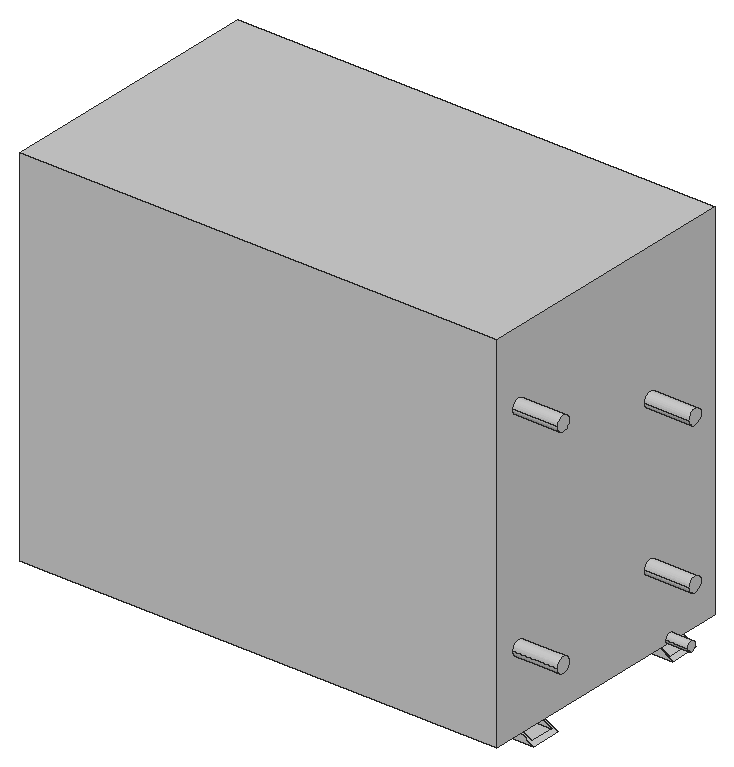
Revit family "Heat-Pump-Rheem-W2W-20kW", category Mechanical Equipment, Revit 2023
Family settings
  Round Connector Dimension = Use Radius
  Part Type = Normal
  OmniClass Number = 23.75.10.21
  OmniClass Title = Heat Pumps
  Work Plane-Based = No
  Always vertical = Yes
  Cut with Voids When Loaded = No
  Maintain Annotation Orientation = No
  Shared = No
  Room Calculation Point = No
Parameters (values of type "95402000")
  calcTopSupport = if(Show Top Supports, 32 mm, 0 mm)  # 0 mm
  calcFanGuardDepth = 133 mm  # constant formula
  Width_ANZRS = 599 mm  # constant formula
  Wattage_ANZRS = 20 kW  # constant formula
  Voltage_ANZRS = 230 V
  URL = "https://www.rheem.com.au/products/commercial/commercial-heat-pumps"
  Type Comments = ""
  SupportInsetSide = 77 mm  # constant formula
  Show Top Supports = no
  ProductCode_ANZRS = "95402000"
  PowerFactor_ANZRS = 1
  OutletPipeDiameter = 32 mm  # constant formula
  calcOutletPipeRad = if(1 = 1, OutletPipeDiameter / 2, 0 mm)  # 16 mm
  Model = "Rheem Commercial Water to Water Heat Pump – 20kW"
  Material_ANZRS = Rheem-Steel-Grey
  Manufacturer = "Rheem"  # constant formula
  Length_ANZRS = 1049 mm  # constant formula
  InletPipeDiameter = 32 mm  # constant formula
  calcInletPipeRadius = if(1 = 1, InletPipeDiameter / 2, 0 mm)  # 16 mm
  Height_ANZRS = if(Show Top Supports, 859 mm, 827 mm)  # 827 mm
  Description = "Rheem's Commercial Water to Water (W2W) heat pump includes units using R134a for hot water heating up to 65°C, with a minimum entering water temperature on the building loop of 12°C, giving a return water temperature of 7°C, with the units being compact and suitable for indoor or external installation."
  Default Elevation = 0 mm
  CreatedBy_ANZRS = "Design Content"  # constant formula
  CreatedByURL_ANZRS = "https://www.designcontent.com.au/"
  Assembly Code = ""
  ApparentLoad_ANZRS = Wattage_ANZRS  # 20 kW
Types (2, lengths in mm): name | calcTopSupport | Show Top Supports | ProductCode_ANZRS | Model | Height_ANZRS | Description
  95402000 | 0 | no | "95402000" | "Rheem Commercial Water to Water Heat Pump – 20kW" | 827 | "Rheem's Commercial Water to Water (W2W) heat pump includes units using R134a for hot water heating up to 65°C, with a minimum entering water temperature on the building loop of 12°C, giving a return water temperature of 7°C, with the units being compact and suitable for indoor or external installation."
  9540200S | 32 | yes | "9540200S" | "Rheem Commercial Water to Water Heat Pump – 20kW Stackable Model" | 859 | "Rheem's Commercial Water to Water (W2W) heat pump includes units using R134a for hot water heating up to 65°C, with a minimum entering water temperature on the building loop of 12°C, giving a return water temperature of 7°C, with the units being compact and suitable for indoor or external installation. Stackable models allow units to be stacked two high for reduced footprint."
Reference planes
  plane 1 "Center (Front/Back)": y = 0
  plane 2: z = 0
  plane 3 "Center (Left/Right)": x = 0
  plane 4 "Back": y = 299.5
  plane 5 "Front": y = -299.5
  plane 6 "Left": x = -524.5
  plane 7 "Right": x = 524.5
  plane 8: z = 24
  plane 9 "HEIGHT": z = 827
  plane 10 "Inlet": z = 197
  plane 11 "Outlet": z = 673
  plane 12: x = 624.5
  plane 13: y = -222.5
  plane 14: y = 222.5
  plane 15: x = 574.5
  plane 16: z = 827
  plane 17: x = -544.5
  plane 18: x = 544.5
  plane 19 "Pipework": y = -241.5
Forms (mm)
  Extrusion 1, solid, material "Rheem-Steel-Grey" <- "Material_ANZRS", detail levels medium+fine
    sketch origin (0, 0, 0) x (1, 0, 0) y (0, 1, 0)
      loop
        line (-524.5, 299.5) -> (-524.5, -299.5) -> (524.5, -299.5) -> (524.5, 299.5) -> (-524.5, 299.5)
    from 24 to 827
  Extrusion 2, solid, material "Rheem-Steel-Grey" <- "Material_ANZRS"
    sketch origin (0, 111.908, 381.979) x (0, -1, 0) y (0, 0, 1)
      loop
        circle (353.408, -184.979) r 16
      loop
        circle (353.408, 291.021) r 16
      loop
        circle (-8.592, -184.979) r 16
      loop
        circle (-8.592, 145.021) r 16
    from -524.5 to -624.5
  Extrusion 3, solid, material "Rheem-Steel-Grey" <- "Material_ANZRS"
    sketch origin (524.5, 0, 0) x (0, -1, 0) y (0, 0, -1)
      loop
        circle (-173.5, -34) r 10
    from 0 to 50
  Extrusion 4, solid, material "Rheem-Steel-Grey" <- "Material_ANZRS", detail levels coarse
    sketch origin (0, 0, 827) x (-1, 0, 0) y (0, -1, 0)
      loop
        line (524.5, -299.5) -> (524.5, 299.5) -> (-524.5, 299.5) -> (-524.5, -299.5) -> (524.5, -299.5)
    from -827 to 0
  Extrusion 5, solid, material "Rheem-Steel-Grey" <- "Material_ANZRS", detail levels medium+fine
    sketch origin (0, 0, 0) x (0, 1, 0) y (0, 0, 1)
      loop
        line (247.5, 24) -> (217.5, 24) -> (217.5, 5) -> (163.086, 5) -> (163.086, 24) -> (133, 24) -> (133, 19) -> (158, 19) -> (158, 0) -> (222.5, 0) -> (222.5, 19) -> (247.5, 19) -> (247.5, 24)
      loop
        line (-133, 24) -> (-163, 24) -> (-163, 5) -> (-217.414, 5) -> (-217.414, 24) -> (-247.5, 24) -> (-247.5, 19) -> (-222.5, 19) -> (-222.5, 0) -> (-158, 0) -> (-158, 19) -> (-133, 19) -> (-133, 24)
    from -544.5 to 544.5
  Extrusion 6, solid, material "Rheem-Steel-Grey" <- "Material_ANZRS", visible <- "Show Top Supports", detail levels medium+fine
    sketch origin (0, 0, 0) x (1, 0, 0) y (0, 0, 1)
      loop
        line (-437.141, 827) -> (-417.141, 827) -> (-417.141, 832) -> (-432.141, 832) -> (-432.141, 838) -> (-362.141, 838) -> (-362.141, 832) -> (-377.141, 832) -> (-377.141, 827) -> (-357.141, 827) -> (-357.141, 843) -> (-437.141, 843) -> (-437.141, 827)
      loop
        line (357.141, 827) -> (377.141, 827) -> (377.141, 832) -> (362.141, 832) -> (362.141, 838) -> (432.141, 838) -> (432.141, 832) -> (417.141, 832) -> (417.141, 827) -> (437.141, 827) -> (437.141, 843) -> (357.141, 843) -> (357.141, 827)
      loop
        line (-40, 827) -> (-20, 827) -> (-20, 832) -> (-35, 832) -> (-35, 838) -> (35, 838) -> (35, 832) -> (20, 832) -> (20, 827) -> (40, 827) -> (40, 843) -> (-40, 843) -> (-40, 827)
    from -299.5 to 299.5
  Extrusion 7, solid, material "Rheem-Steel-Grey" <- "Material_ANZRS", visible <- "Show Top Supports", detail levels medium+fine
    sketch origin (23.5, 184.859, 18.5) x (0, -1, 0) y (0, 0, 1)
      loop
        line (29.359, 824.5) -> (29.359, 840.5) -> (-38.641, 840.5) -> (-38.641, 824.5) -> (-18.617, 824.5) -> (-18.617, 829) -> (-33.617, 829) -> (-33.617, 835.5) -> (24.359, 835.5) -> (24.359, 829) -> (9.359, 829) -> (9.359, 824.5) -> (29.359, 824.5)
      loop
        line (340.359, 824.5) -> (360.359, 824.5) -> (360.359, 829) -> (345.359, 829) -> (345.359, 835.5) -> (403.334, 835.5) -> (403.334, 829) -> (388.334, 829) -> (388.334, 824.5) -> (408.359, 824.5) -> (408.359, 840.5) -> (340.359, 840.5) -> (340.359, 824.5)
    from -521 to 568
  Extrusion 8, solid, detail levels medium+fine
    sketch origin (725.494, 299.5, 222.402) x (-1, 0, 0) y (0, 0, 1)
      loop
        circle (252.008, 381.5) r 15
      loop
        circle (252.008, 431.5) r 15
      loop
        circle (252.008, 331.5) r 15
      loop
        circle (252.008, 281.5) r 10
      loop
        circle (252.008, 231.5) r 10
    from 0 to 5
  Extrusion 9, void
    sketch origin (0, 0, 0) x (1, 0, 0) y (0, 0, 1)
      loop
        line (-511.136, 843) -> (-544.5, 860) -> (-544.5, 843) -> (-511.136, 843)
      loop
        line (511.136, 843) -> (544.5, 843) -> (544.5, 859.5) -> (511.136, 843)
      loop
        line (-502.931, 24) -> (-544.5, 24) -> (-544.5, 0) -> (-502.931, 24)
      loop
        line (502.931, 24) -> (544.5, 0) -> (544.5, 24) -> (502.931, 24)
    from -299.5 to 299.5
Cuts and joins
  Extrusion 9 cuts Extrusion 1
  Extrusion 9 cuts Extrusion 5
  Extrusion 9 cuts Extrusion 7
Lines and regions (mm)
  Split face 1
    outline origin (524.5, 299.5, 827) x (0, 0, -1) y (-1, 0, 0)
      loop
        line (140, 100) -> (802, 100) -> (802, 949) -> (140, 949) -> (140, 100)
  Split face 2
    outline origin (524.5, 299.5, 827) x (0, 0, -1) y (-1, 0, 0)
      loop
        line (120, 100) -> (120, 949) -> (20, 949) -> (20, 100) -> (120, 100)
Dimensions and locks
  equal spacing: plane 6 "Left", plane 3 "Center (Left/Right)", plane 7 "Right"
  equal spacing: plane 4 "Back", plane 1 "Center (Front/Back)", plane 5 "Front"
  "Width_ANZRS": plane 4 "Back" to plane 5 "Front"
  "Length_ANZRS": plane 6 "Left" to plane 7 "Right"
  locked: plane 12 to plane 7 "Right" at 100
  "SupportInsetSide": plane 5 "Front" to plane 13
  "SupportInsetSide": plane 14 to plane 4 "Back"
  locked: Extrusion 3 sketch curve to plane 8 at 10
  equal spacing: plane 12, plane 15, plane 7 "Right"
  locked: plane 8 to Extrusion 5 sketch curve at 5  (x2)
  Extrusion 5 sketch curve to plane 14 to Extrusion 5 sketch curve to Extrusion 5 sketch curve to Extrusion 5 sketch curve to Extrusion 5 sketch curve = 25 mm locked, 5 mm locked, 54.414 mm locked, 5.086 mm locked, 25 mm locked
  locked: plane 4 "Back" to Extrusion 3 sketch curve at 126
  Extrusion 5 sketch curve to Extrusion 5 sketch curve to Extrusion 5 sketch curve to Extrusion 5 sketch curve to Extrusion 5 sketch curve to Extrusion 5 sketch curve = 25 mm locked, 5 mm locked, 54.414 mm locked, 5.086 mm locked, 25 mm locked
  locked: Extrusion 6 sketch curve to plane 9 "HEIGHT" at 16
  Extrusion 6 sketch curve to Extrusion 6 sketch curve to plane 9 "HEIGHT" = 6 mm locked, 5 mm locked  (x3)
  locked: plane 9 "HEIGHT" to plane 8 at 803
  locked: plane 8 to plane 2 at 24
  locked: nested 1 to plane 9 "HEIGHT" at 300
  locked: plane 17 to plane 6 "Left" at 20
  locked: plane 18 to plane 7 "Right" at 20
  Extrusion 9 sketch curve to Extrusion 9 sketch curve to plane 9 "HEIGHT" = 17 mm, 16 mm
  Extrusion 9 sketch curve to Extrusion 9 sketch curve to plane 9 "HEIGHT" = 16.5 mm locked, 16 mm locked
  locked: plane 19 "Pipework" to plane 5 "Front" at 58
  locked: plane 10 "Inlet" to plane 2 at 197
  locked: plane 11 "Outlet" to plane 10 "Inlet" at 476
  locked: Extrusion 2 sketch curve to plane 4 "Back" at 179  (x2)
  locked: Extrusion 2 sketch curve to plane 10 "Inlet" at 330
  locked: plane 8 to Split face 1 sketch curve at 1
  Split face 1 sketch curve to plane 9 "HEIGHT" = 140 mm
  locked: Split face 1 sketch curve to plane 7 "Right" at 100
  locked: plane 6 "Left" to Split face 1 sketch curve at 100
  locked: plane 7 "Right" to Split face 2 sketch curve at 100
  locked: plane 6 "Left" to Split face 2 sketch curve at 100
  locked: Split face 2 sketch curve to plane 9 "HEIGHT" at 20
  locked: Split face 2 sketch curve to plane 9 "HEIGHT" at 120
  "calcTopSupport": plane 16 to plane 9 "HEIGHT"
  Extrusion 7 sketch curve to Extrusion 7 sketch curve to Extrusion 7 sketch curve to Extrusion 7 sketch curve to plane 9 "HEIGHT" = 5 mm locked, 6.5 mm locked, 4.5 mm locked, 16 mm locked
  "calcOutletPipeRad": radius of Extrusion 2 sketch curve
  "calcInletPipeRadius": radius of Extrusion 2 sketch curve
  radius of Extrusion 3 sketch curve = 10 mm
  aligned and locked: level to plane 2
  aligned and locked: Extrusion 1 sketch curve to plane 6 "Left"
  aligned and locked: Extrusion 1 sketch curve to plane 7 "Right"
  aligned and locked: plane 9 "HEIGHT" to Extrusion 1
  aligned and locked: Extrusion 1 to plane 8
  aligned and locked: plane 5 "Front" to Extrusion 1
  aligned and locked: Extrusion 2 to plane 7 "Right"
  aligned and locked: plane 11 "Outlet" to Extrusion 2 sketch curve
  aligned and locked: plane 10 "Inlet" to Extrusion 2 sketch curve
  aligned and locked: plane 15 to Extrusion 3
  aligned and locked: Extrusion 4 sketch curve to plane 4 "Back"
  aligned and locked: Extrusion 4 sketch curve to plane 5 "Front"
  aligned and locked: Extrusion 4 sketch curve to plane 7 "Right"
  aligned and locked: Extrusion 4 sketch curve to plane 6 "Left"
  aligned and locked: Extrusion 4 to plane 2
  aligned and locked: plane 16 to Extrusion 4
  aligned and locked: plane 12 to Extrusion 2
  aligned and locked: plane 5 "Front" to Extrusion 6
  aligned and locked: plane 4 "Back" to Extrusion 6
  aligned and locked: Extrusion 6 sketch curve to Extrusion 6 sketch curve  (x8)
  aligned and locked: plane 4 "Back" to Extrusion 1
  aligned and locked: Extrusion 7 sketch curve to Extrusion 7 sketch curve  (x8)
  aligned and locked: nested 1 to plane 3 "Center (Left/Right)"
  aligned and locked: Extrusion 5 to plane 17
  aligned and locked: plane 18 to Extrusion 5
  aligned and locked: Extrusion 7 to plane 17
  aligned and locked: plane 18 to Extrusion 7
  aligned and locked: plane 17 to Extrusion 9 sketch curve
  aligned and locked: Extrusion 9 sketch curve to plane 8
  aligned and locked: Extrusion 9 sketch curve to plane 17
  aligned and locked: plane 18 to Extrusion 9 sketch curve
  aligned and locked: Extrusion 9 to Extrusion 1  (x2)
  aligned and locked: plane 19 "Pipework" to Extrusion 2 sketch curve  (x2)
Automatic sketch dimensions
  plane 5 "Front" to Extrusion 1 sketch curve = 0 mm
  Extrusion 1 sketch curve to plane 4 "Back" = 0 mm
  Extrusion 5 sketch curve to plane 8 = 0 mm  (x4)
  Extrusion 5 sketch curve to level = 0 mm  (x2)
  Extrusion 5 sketch curve to plane 13 = 0 mm
  Extrusion 5 sketch curve to plane 14 = 0 mm
  level to Extrusion 5 sketch curve = 5 mm  (x2)
  Extrusion 5 sketch curve to plane 8 = 5 mm  (x2)
  Extrusion 6 sketch curve to plane 9 "HEIGHT" = 0 mm  (x3)
  Extrusion 6 sketch curve to plane 6 "Left" = 87.359 mm
  Extrusion 6 sketch curve to Extrusion 6 sketch curve = 5 mm  (x6)
  Extrusion 6 sketch curve to Extrusion 6 sketch curve = 15 mm  (x6)
  Extrusion 6 sketch curve to Extrusion 6 sketch curve = 40 mm  (x2)
  Extrusion 6 sketch curve to plane 3 "Center (Left/Right)" = 40 mm
  plane 3 "Center (Left/Right)" to Extrusion 6 sketch curve = 20 mm
  Extrusion 6 sketch curve to plane 7 "Right" = 167.359 mm
  Extrusion 8 sketch curve to plane 7 "Right" = 51.014 mm  (x2)
  Extrusion 8 sketch curve to plane 11 "Outlet" = 119.098 mm
  Extrusion 8 sketch curve to Extrusion 8 sketch curve = 0 mm  (x3)
  Extrusion 8 sketch curve to Extrusion 8 sketch curve = 50 mm  (x3)
  Extrusion 8 sketch curve to plane 11 "Outlet" = 69.098 mm
  Extrusion 9 sketch curve to plane 8 = 0 mm
  Extrusion 9 sketch curve to plane 18 = 0 mm
  Extrusion 9 sketch curve to level = 0 mm  (x2)
  Extrusion 9 sketch curve to plane 6 "Left" = 13.364 mm
  Extrusion 9 sketch curve to plane 6 "Left" = 21.569 mm
  Extrusion 9 sketch curve to plane 7 "Right" = 21.569 mm
  Extrusion 9 sketch curve to plane 7 "Right" = 13.364 mm
  plane 14 to Extrusion 7 sketch curve = 1 mm
  Extrusion 7 sketch curve to plane 14 = 4.024 mm
  Extrusion 7 sketch curve to Extrusion 7 sketch curve = 15 mm  (x3)
  Extrusion 7 sketch curve to Extrusion 7 sketch curve = 27.976 mm
  Extrusion 7 sketch curve to Extrusion 7 sketch curve = 5 mm  (x2)
  plane 13 to Extrusion 7 sketch curve = 67 mm
  plane 13 to Extrusion 7 sketch curve = 19.024 mm
  plane 13 to Extrusion 7 sketch curve = 4.024 mm
  Extrusion 7 sketch curve to plane 13 = 1 mm
  Extrusion 2 sketch curve to plane 10 "Inlet" = 0 mm
  radius of Extrusion 8 sketch curve = 15 mm  (x3)
  radius of Extrusion 8 sketch curve = 10 mm  (x2)
  radius of Extrusion 2 sketch curve = 16 mm  (x2)
Nested families
  nested 1: "X_Rheem Logo" at (0, 299.5, 527) x (-1, 0, 0) z (0, 1, 0), type "Standard", detail levels fine
Connectors
  piping at (624.5, -241.5, 197), diameter 32, driven by "calcInletPipeRadius"
    settings: on Extrusion 2, index 9, connector inside diameter 20 mm, connector length 0 mm, flow factor 0, pipe flow 0.0 L/s, pressure drop 0.0 Pa, fitting loss kfactor 0, connector angle 0.00°, fixture units 0, engagement length 0 mm, angle of deflection 0.00°, flow configuration 1, flow direction 1, fitting loss method 0, system type 20, joint type 0, gender type 0, connector reference index -1, connector utility 0, adjustable connector no, is connector primary yes, connector description "Water In"
  piping at (624.5, -241.5, 197), diameter 32, driven by "calcOutletPipeRad"
    settings: on Extrusion 2, index 10, connector inside diameter 20 mm, connector length 0 mm, flow factor 0, pipe flow 0.0 L/s, pressure drop 0.0 Pa, fitting loss kfactor 0, connector angle 0.00°, fixture units 0, engagement length 0 mm, angle of deflection 0.00°, flow configuration 1, flow direction 2, fitting loss method 0, system type 20, joint type 0, gender type 0, connector reference index -1, connector utility 0, adjustable connector no, is connector primary no, connector description "CW Out"
  piping at (574.5, 173.5, 34), diameter 20
    settings: on Extrusion 3, index 11, connector inside diameter 609.6 mm, connector length 0 mm, flow factor 0, pipe flow 0.0 L/s, pressure drop 0.0 Pa, fitting loss kfactor 0, connector angle 0.00°, fixture units 0, engagement length 0 mm, angle of deflection 0.00°, flow configuration 1, flow direction 2, fitting loss method 0, system type 16, joint type 0, gender type 0, connector reference index -1, connector utility 0, adjustable connector no, is connector primary no, connector description ""
  piping at (624.5, -241.5, 673), diameter 32, driven by "calcInletPipeRadius"
    settings: on Extrusion 2, index 16, connector inside diameter 609.6 mm, connector length 0 mm, flow factor 0, pipe flow 0.0 L/s, pressure drop 0.0 Pa, fitting loss kfactor 0, connector angle 0.00°, fixture units 0, engagement length 0 mm, angle of deflection 0.00°, flow configuration 1, flow direction 1, fitting loss method 0, system type 20, joint type 0, gender type 0, connector reference index -1, connector utility 0, adjustable connector no, is connector primary no, connector description "CW In"
  electrical at (473.486, 299.5, 653.902), driven by "Voltage_ANZRS", driven by "ApparentLoad_ANZRS", driven by "PowerFactor_ANZRS"
    settings: on Extrusion 8, index 17, voltage 230 V, apparent load 20 kW, apparent load phase1 0 kW, apparent load phase2 0 kW, apparent load phase3 0 kW, power factor 1, load classification "Power", number of poles 1, system type 30, power factor state 1, is connector primary yes, connector utility no, sub classification motor no, connector description ""
  electrical at (473.486, 299.5, 603.902), driven by "Voltage_ANZRS", driven by "ApparentLoad_ANZRS", driven by "PowerFactor_ANZRS"
    settings: on Extrusion 8, index 18, voltage 230 V, apparent load 20 kW, apparent load phase1 0 kW, apparent load phase2 0 kW, apparent load phase3 0 kW, power factor 1, load classification "Power", number of poles 1, system type 30, power factor state 1, is connector primary no, connector utility no, sub classification motor no, connector description ""
  electrical at (473.486, 299.5, 553.902), driven by "Voltage_ANZRS", driven by "ApparentLoad_ANZRS", driven by "PowerFactor_ANZRS"
    settings: on Extrusion 8, index 19, voltage 230 V, apparent load 20 kW, apparent load phase1 0 kW, apparent load phase2 0 kW, apparent load phase3 0 kW, power factor 1, load classification "Power", number of poles 1, system type 30, power factor state 1, is connector primary no, connector utility no, sub classification motor no, connector description ""
  electrical at (473.486, 299.5, 503.902), driven by "Voltage_ANZRS", driven by "ApparentLoad_ANZRS", driven by "PowerFactor_ANZRS"
    settings: on Extrusion 8, index 20, voltage 230 V, apparent load 20 kW, apparent load phase1 0 kW, apparent load phase2 0 kW, apparent load phase3 0 kW, power factor 1, load classification "Power", number of poles 1, system type 30, power factor state 1, is connector primary no, connector utility no, sub classification motor no, connector description ""
  electrical at (473.486, 299.5, 453.902), driven by "Voltage_ANZRS", driven by "ApparentLoad_ANZRS", driven by "PowerFactor_ANZRS"
    settings: on Extrusion 8, index 21, voltage 230 V, apparent load 20 kW, apparent load phase1 0 kW, apparent load phase2 0 kW, apparent load phase3 0 kW, power factor 1, load classification "Power", number of poles 1, system type 30, power factor state 1, is connector primary no, connector utility no, sub classification motor no, connector description ""
  piping at (624.5, 120.5, 197), diameter 32, driven by "calcInletPipeRadius"
    settings: on Extrusion 2, index 22, connector inside diameter 609.6 mm, connector length 0 mm, flow factor 0, pipe flow 0.0 L/s, pressure drop 0.0 Pa, fitting loss kfactor 0, connector angle 0.00°, fixture units 0, engagement length 0 mm, angle of deflection 0.00°, flow configuration 1, flow direction 1, fitting loss method 0, system type 19, joint type 0, gender type 0, connector reference index -1, connector utility 0, adjustable connector no, is connector primary no, connector description "HW In"
  piping at (624.5, 120.5, 527), diameter 32, driven by "calcOutletPipeRad"
    settings: on Extrusion 2, index 23, connector inside diameter 609.6 mm, connector length 0 mm, flow factor 0, pipe flow 0.0 L/s, pressure drop 0.0 Pa, fitting loss kfactor 0, connector angle 0.00°, fixture units 0, engagement length 0 mm, angle of deflection 0.00°, flow configuration 1, flow direction 2, fitting loss method 0, system type 19, joint type 0, gender type 0, connector reference index -1, connector utility 0, adjustable connector no, is connector primary no, connector description "HW Out"
Definition of nested family "X_Rheem Logo"
  Parameters (values of type "Standard")
    Default Elevation = 1219.2 mm
    Assembly Code = ""
  Reference planes
    plane 1 "Center (Front/Back)": y = 0
    plane 2: z = 0
    plane 3 "Center (Left/Right)": x = 0
  Forms (mm)
    Extrusion 1, solid
      sketch origin (0, 0, 0) x (1, 0, 0) y (0, 1, 0)
        loop
          line (-1219.2, 1219.2) -> (-1219.2, -1219.2) -> (1219.2, -1219.2) -> (1219.2, 1219.2) -> (-1219.2, 1219.2)
      from 0 to -304.8
    Extrusion 2, solid
      sketch origin (0, 0, 0) x (1, 0, 0) y (0, 1, 0)
        loop
          arc (-33.529, -21.813) -> (38.36, -11.338) -> (-16.283, 36.536) r 40
          line (-16.283, 36.536) -> (-16.283, 5.397)
          arc (-16.283, 5.397) -> (-14.75, 6.901) -> (-12.662, 7.405) r 4.033
          arc (-12.662, 7.405) -> (-9.852, 6.403) -> (-8.561, 3.712) r 3.918
          line (-8.561, 3.712) -> (-8.561, -8.033) -> (-11.525, -8.033) -> (-11.525, 1.806)
          arc (-11.525, 1.806) -> (-12.858, 4.057) -> (-15.428, 3.572) r 2.279
          arc (-15.428, 3.572) -> (-15.988, 2.759) -> (-16.246, 1.806) r 2.925
          line (-16.246, 1.806) -> (-16.246, -8.079) -> (-19.645, -8.079) -> (-19.645, 34.843)
          arc (-19.645, 34.843) -> (-26.644, 29.834) -> (-32.41, 23.444) r 40
          arc (-32.41, 23.444) -> (-21.103, 13.87) -> (-28.782, 1.2) r 11.411
          line (-28.782, 1.2) -> (-7.321, -24.919) -> (-11.462, -24.919) -> (-31.83, -0.131) -> (-31.83, -21.813) -> (-33.529, -21.813)
        loop
          line (-35.017, -19.335) -> (-35.017, 19.335)
          arc (-35.017, 19.335) -> (-40, 0) -> (-35.017, -19.335) r 40
        loop
          line (19.37, -8.097) -> (22.563, -8.097) -> (22.563, 2.258)
          spline (22.563, 2.258) -> (22.878, 3.103) -> (23.24, 3.526) -> (23.639, 3.818) -> (24.082, 3.997) -> (24.556, 4.074) -> (25.034, 4.068) -> (25.491, 3.983) -> (25.903, 3.817) -> (26.238, 3.56) -> (26.492, 3.191) -> (26.717, 2.639) -> (26.9, 1.6)
          line (26.9, 1.6) -> (26.9, -8.097) -> (29.854, -8.097) -> (29.854, 2.258)
          spline (29.854, 2.258) -> (30.181, 3.064) -> (30.553, 3.474) -> (30.969, 3.74) -> (31.419, 3.936) -> (31.889, 4.059) -> (32.364, 4.078) -> (32.821, 3.995) -> (33.233, 3.826) -> (33.568, 3.567) -> (33.822, 3.195) -> (34.048, 2.639) -> (34.231, 1.594)
          line (34.231, 1.594) -> (34.231, -8.097) -> (37.174, -8.097) -> (37.174, 3.718)
          spline (37.174, 3.718) -> (36.65, 5.383) -> (35.957, 6.159) -> (35.415, 6.563) -> (34.941, 6.826) -> (34.394, 7.032) -> (33.695, 7.17) -> (32.91, 7.2) -> (32.152, 7.119) -> (31.53, 6.952) -> (31.006, 6.67) -> (30.429, 6.179) -> (29.566, 5.166)
          spline (29.566, 5.166) -> (28.777, 6.078) -> (28.276, 6.494) -> (27.782, 6.788) -> (27.231, 7.014) -> (26.621, 7.177) -> (26.085, 7.261) -> (25.622, 7.26) -> (25.015, 7.185) -> (24.376, 7.012) -> (23.849, 6.722) -> (23.308, 6.304) -> (22.552, 5.275)
          line (22.552, 5.275) -> (22.552, 6.926) -> (19.37, 6.926) -> (19.37, -8.097)
        loop
          line (-4.051, 1.414) -> (2.029, 1.414)
          spline (2.029, 1.414) -> (1.473, 2.786) -> (1.087, 3.377) -> (0.673, 3.834) -> (0.205, 4.224) -> (-0.271, 4.485) -> (-0.868, 4.588) -> (-1.527, 4.548) -> (-2.06, 4.356) -> (-2.438, 4.033) -> (-2.865, 3.608) -> (-3.384, 2.906) -> (-4.051, 1.414)
        loop
          line (-4.095, -1.507) -> (5.029, -1.507)
          spline (5.029, -1.507) -> (4.769, 1.886) -> (4.1, 3.692) -> (3.083, 5.302) -> (1.664, 6.502) -> (-0.127, 7.316) -> (-1.72, 7.317) -> (-3.497, 6.614) -> (-4.898, 5.44) -> (-6.016, 3.817) -> (-6.693, 1.944) -> (-6.954, 0.058) -> (-6.657, -3.194)
          spline (-6.657, -3.194) -> (-5.711, -5.424) -> (-4.777, -6.63) -> (-3.808, -7.465) -> (-2.878, -7.994) -> (-1.873, -8.306) -> (-0.773, -8.411) -> (0.288, -8.278) -> (1.264, -7.907) -> (2.23, -7.346) -> (3.148, -6.594) -> (4.02, -5.578) -> (4.876, -3.596)
          line (4.876, -3.596) -> (1.705, -3.596)
          spline (1.705, -3.596) -> (0.883, -4.78) -> (0.307, -5.189) -> (-0.248, -5.429) -> (-0.802, -5.54) -> (-1.305, -5.525) -> (-1.909, -5.294) -> (-2.514, -4.923) -> (-2.921, -4.547) -> (-3.253, -4.098) -> (-3.591, -3.486) -> (-3.885, -2.641) -> (-4.095, -1.507)
        loop
          line (8.984, 1.152) -> (15.064, 1.152)
          spline (15.064, 1.152) -> (14.509, 2.524) -> (14.123, 3.116) -> (13.708, 3.573) -> (13.241, 3.962) -> (12.764, 4.224) -> (12.168, 4.327) -> (11.508, 4.287) -> (10.975, 4.095) -> (10.598, 3.771) -> (10.171, 3.347) -> (9.652, 2.645) -> (8.984, 1.152)
        loop
          line (8.973, -1.54) -> (18.097, -1.54)
          spline (18.097, -1.54) -> (17.837, 1.853) -> (17.168, 3.659) -> (16.151, 5.269) -> (14.732, 6.469) -> (12.941, 7.283) -> (11.348, 7.285) -> (9.571, 6.581) -> (8.17, 5.407) -> (7.052, 3.785) -> (6.375, 1.911) -> (6.114, 0.026) -> (6.412, -3.226)
          spline (6.412, -3.226) -> (7.357, -5.456) -> (8.291, -6.663) -> (9.26, -7.498) -> (10.191, -8.027) -> (11.195, -8.339) -> (12.295, -8.444) -> (13.356, -8.311) -> (14.332, -7.939) -> (15.298, -7.379) -> (16.217, -6.626) -> (17.088, -5.61) -> (17.944, -3.629)
          line (17.944, -3.629) -> (14.773, -3.629)
          spline (14.773, -3.629) -> (13.951, -4.813) -> (13.375, -5.222) -> (12.82, -5.462) -> (12.266, -5.573) -> (11.763, -5.557) -> (11.159, -5.326) -> (10.555, -4.955) -> (10.147, -4.58) -> (9.816, -4.131) -> (9.477, -3.519) -> (9.183, -2.673) -> (8.973, -1.54)
        loop
          circle (0, 0) r 43
        loop
          arc (-31.817, 3.841) -> (-24.154, 12.033) -> (-31.817, 20.226) r 8.211
          line (-31.817, 20.226) -> (-31.817, 3.841)
      from 0 to 1
  Dimensions and locks
    aligned and locked: plane 2 to Extrusion 1
    aligned and locked: level to Extrusion 1
